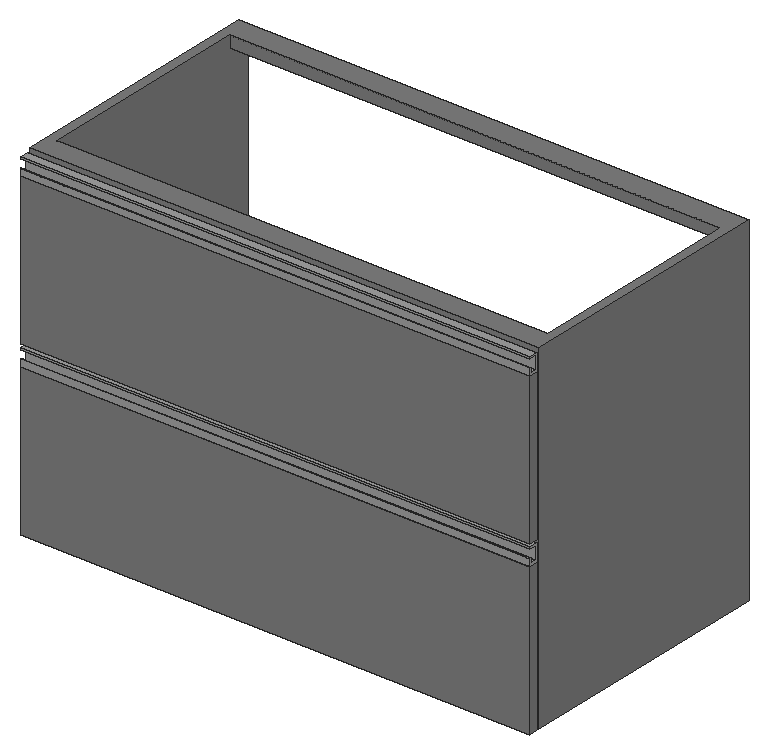
Revit family "Life Under Basin Cabinet_", category Casework, Revit 2012
Parameters (values of type "2000-1002")
  URL = "www.korpinen.com"
  Model = "2000-1002 Drawer Cabinet"
  Manufacturer = "Korpinen Oy"
  Depth = 0 mm
  Height = 800 mm
  Width = 0 mm
  Cabinet Type = Life - Under Basin Cabinet : 2000-1002
Types (3, lengths in mm): name | Model | Cabinet Type
  (no name) | "2000-1002 Drawer Cabinet" | Life - Under Basin Cabinet : 2000-1002
  2000-1001 | "2000-1001 Drawer Cabinet" | Life - Under Basin Cabinet : 2000-1001
  2000-1002 | "2000-1002 Drawer Cabinet" | Life - Under Basin Cabinet : 2000-1002
Reference planes
  plane 1 "Back": y = 0
  plane 2: z = 0
  plane 3 "Center (Left/Right)": x = 44.7
Dimensions and locks
  aligned and locked: level to plane 2
  aligned and locked: nested 1 to level
Nested families
  nested 1: "Life - Under Basin Cabinet" at (-100, 0, 0), Installation Height from Floor <- "Height", type <- "Cabinet Type", type "2000-1002"
    with Installation Height from Floor 800 mm
Definition of nested family "Life - Under Basin Cabinet"
  Parameters (values of type "2000-1001")
    Material = Glossy Grey
    Installation Height from Floor [instance] = 850 mm
    Handle Material = Anodized Aluminum
    Depth = 480 mm
    Height = 600 mm
    Width = 696 mm
  Types (3, lengths in mm): name | Width
    (no name) | 696
    2000-1001 | 696
    2000-1002 | 896
  Reference planes
    plane 1 "Back": y = 0
    plane 2: z = 0
    plane 3 "Center (Left/Right)": x = 44.7
    plane 4 "Front": y = -480
    plane 5 "Left": x = -303.3
    plane 6 "Right": x = 392.7
    plane 7 "Top": z = 760
    plane 8: z = 160
    plane 9: x = 394.7
    plane 10: x = -305.3
    plane 11: z = 850
    plane 12: z = 0
  Forms (mm)
    Extrusion 1, solid, material "Glossy Grey" <- "Material"
      sketch origin (0, -480, 0) x (1, 0, 0) y (0, 0, 1)
        loop
          line (-303.3, 760) -> (-303.3, 160) -> (392.7, 160) -> (392.7, 760) -> (376.7, 760) -> (376.7, 176) -> (-287.3, 176) -> (-287.3, 760) -> (-303.3, 760)
      from -20 to -480
    Extrusion 2, solid, material "Glossy Grey" <- "Material"
      sketch origin (44.7, 0, 0) x (0, 1, 0) y (0, 0, 1)
        loop
          line (-464, 160) -> (-464, 425) -> (-480, 425) -> (-480, 160) -> (-464, 160)
      from -348 to 348
    Extrusion 3, solid, material "Anodized Aluminum" <- "Handle Material"
      sketch origin (44.7, 0, 0) x (0, 1, 0) y (0, 0, 1)
        loop
          line (-464, 425) -> (-464, 455) -> (-480, 455) -> (-480, 452) -> (-466.968, 452) -> (-466.968, 429) -> (-478, 429) -> (-478, 437) -> (-480, 437) -> (-480, 425) -> (-464, 425)
      from -348 to 348
    Extrusion 4, solid, material "Glossy Grey" <- "Material"
      sketch origin (44.7, 0, 300) x (0, 1, 0) y (0, 0, 1)
        loop
          line (-464, 160) -> (-464, 425) -> (-480, 425) -> (-480, 160) -> (-464, 160)
      from -348 to 348
    Extrusion 5, solid, material "Anodized Aluminum" <- "Handle Material"
      sketch origin (44.7, 0, 300) x (0, 1, 0) y (0, 0, 1)
        loop
          line (-464, 425) -> (-464, 455) -> (-480, 455) -> (-480, 452) -> (-466.968, 452) -> (-466.968, 429) -> (-478, 429) -> (-478, 437) -> (-480, 437) -> (-480, 425) -> (-464, 425)
      from -348 to 348
    Extrusion 6, solid, material "Glossy Grey" <- "Material"
      sketch origin (44.7, 0, 0) x (0, 1, 0) y (0, 0, 1)
        loop
          line (0, 760) -> (-40, 760) -> (-40, 740) -> (0, 740) -> (0, 760)
        loop
          line (-460, 760) -> (-460, 740) -> (-420, 740) -> (-420, 760) -> (-460, 760)
      from -332 to 332
  Cuts and joins
    joined: Extrusion 1, Extrusion 6
  Lines and regions (mm)
    symbolic lines, style "CaseworkHiddenLines", detail levels fine
      curve 1: line (-303.3, -490, 0) -> (-303.3, -630, 0)
      curve 2: line (-303.3, -630, 0) -> (392.7, -630, 0)
      curve 3: line (392.7, -630, 0) -> (392.7, -490, 0)
    model lines, style "InvisibleLines"
      curve 4: line (-303.3, 0, 0) -> (392.7, 0, 0)
  Dimensions and locks
    "Width": plane 6 "Right" to plane 5 "Left"
    equal spacing: plane 6 "Right", plane 3 "Center (Left/Right)", plane 5 "Left"
    "Depth": plane 4 "Front" to plane 1 "Back"
    "Height": plane 7 "Top" to plane 8
    locked: plane 4 "Front" to Extrusion 1 at 20
    locked: plane 9 to plane 6 "Right" at 2
    locked: plane 5 "Left" to plane 10 at 2
    locked: cut or joined group of Extrusion 1, Extrusion 6 to plane 10 at 18
    locked: cut or joined group of Extrusion 1, Extrusion 6 to plane 9 at 18
    "Installation Height from Floor": plane 11 to level
    locked: plane 11 to plane 7 "Top" at 90
    aligned and locked: level to plane 2
    aligned and locked: Extrusion 1 to plane 1 "Back"
    aligned and locked: Extrusion 5 to plane 5 "Left"
    aligned and locked: plane 6 "Right" to Extrusion 5
    aligned and locked: plane 6 "Right" to Extrusion 3
    aligned and locked: Extrusion 3 to plane 5 "Left"
    aligned and locked: Extrusion 4 to plane 5 "Left"
    aligned and locked: plane 6 "Right" to Extrusion 4
    aligned and locked: plane 6 "Right" to Extrusion 2
    aligned and locked: Extrusion 2 to plane 5 "Left"
    aligned and locked: Extrusion 6 to Extrusion 1  (x2)
    aligned and locked: curve 1 to plane 5 "Left"
    aligned and locked: plane 6 "Right" to curve 3
    aligned and locked: plane 12 to level
  Automatic sketch dimensions
    Extrusion 1 sketch curve to plane 5 "Left" = 0 mm
    Extrusion 1 sketch curve to plane 7 "Top" = 0 mm  (x2)
    Extrusion 1 sketch curve to plane 6 "Right" = 0 mm
    Extrusion 1 sketch curve to plane 8 = 0 mm
    plane 5 "Left" to Extrusion 1 sketch curve = 16 mm
    Extrusion 1 sketch curve to plane 6 "Right" = 16 mm
    plane 8 to Extrusion 1 sketch curve = 16 mm
    Extrusion 2 sketch curve to plane 4 "Front" = 0 mm
    Extrusion 2 sketch curve to plane 8 = 0 mm
    Extrusion 2 sketch curve to Extrusion 2 sketch curve = 16 mm
    plane 8 to Extrusion 2 sketch curve = 265 mm
    Extrusion 3 sketch curve to plane 4 "Front" = 0 mm  (x2)
    Extrusion 3 sketch curve to plane 4 "Front" = 2 mm
    Extrusion 3 sketch curve to Extrusion 3 sketch curve = 13.032 mm
    Extrusion 3 sketch curve to Extrusion 3 sketch curve = 2.968 mm
    plane 8 to Extrusion 3 sketch curve = 265 mm
    Extrusion 3 sketch curve to Extrusion 3 sketch curve = 4 mm
    Extrusion 3 sketch curve to Extrusion 3 sketch curve = 8 mm
    Extrusion 3 sketch curve to Extrusion 3 sketch curve = 15 mm
    Extrusion 3 sketch curve to Extrusion 3 sketch curve = 3 mm
    Extrusion 4 sketch curve to plane 4 "Front" = 0 mm
    Extrusion 4 sketch curve to Extrusion 4 sketch curve = 16 mm
    plane 7 "Top" to Extrusion 4 sketch curve = 300 mm
    plane 7 "Top" to Extrusion 4 sketch curve = 35 mm
    Extrusion 5 sketch curve to plane 4 "Front" = 0 mm  (x2)
    Extrusion 5 sketch curve to plane 4 "Front" = 2 mm
    Extrusion 5 sketch curve to Extrusion 5 sketch curve = 13.032 mm
    Extrusion 5 sketch curve to Extrusion 5 sketch curve = 2.968 mm
    plane 7 "Top" to Extrusion 5 sketch curve = 35 mm
    Extrusion 5 sketch curve to Extrusion 5 sketch curve = 4 mm
    Extrusion 5 sketch curve to Extrusion 5 sketch curve = 8 mm
    plane 7 "Top" to Extrusion 5 sketch curve = 8 mm
    Extrusion 5 sketch curve to Extrusion 5 sketch curve = 3 mm
    plane 7 "Top" to Extrusion 6 sketch curve = 0 mm  (x2)
    Extrusion 6 sketch curve to plane 1 "Back" = 0 mm
    plane 1 "Back" to Extrusion 6 sketch curve = 40 mm
    Extrusion 6 sketch curve to plane 4 "Front" = 60 mm
    Extrusion 6 sketch curve to plane 4 "Front" = 20 mm
    Extrusion 6 sketch curve to Extrusion 6 sketch curve = 20 mm  (x2)
    plane 4 "Front" to curve 1 = 150 mm
    plane 4 "Front" to curve 3 = 10 mm
    plane 4 "Front" to curve 1 = 10 mm
    curve 4 to level = 0 mm
    curve 4 to plane 5 "Left" = 0 mm
    curve 4 to plane 6 "Right" = 0 mm
